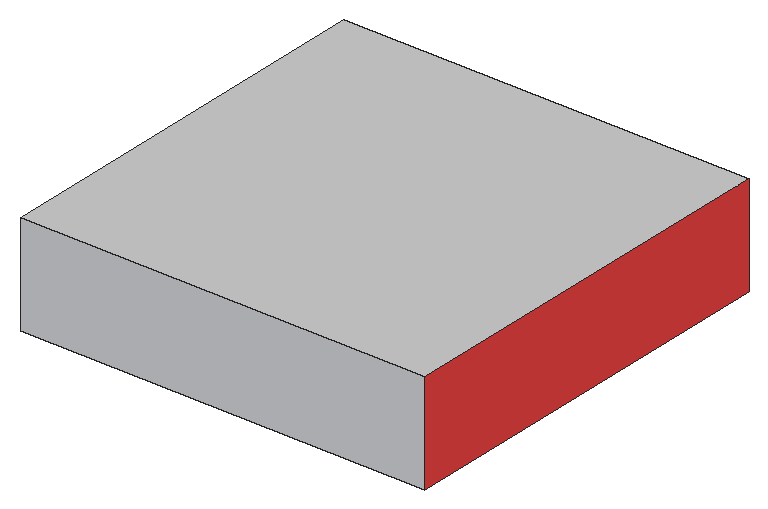
Revit family "GRIFO DE BIDET KILY con desagüe automatico", category Aparatos sanitarios, Revit 2015
Parameters (values of type "4956000")
  URL = "http://www.griferiasgalindo.com/bidet/kily/grifo-de-bidet-kily?c=es"
  Teléfono = "(+34) 915 782 575"
  TIPO DE AGUA = "Fria/Caliene"
  REFERENCIA = "4956000"
  Presión Máxima = ""
  PESO BRUTO = ""
  Modelo = "KILY"
  Material = LATON CROMADO
  Imagen de tipo = <Ninguno>
  Fabricante = "PRESTO IBÉRICA"
  Default Elevation = 1219.2 mm
  ENTRADA = "Con latiguillos flexibles de 3/8”"
  Descripción = "Grifo monomando de bidet Kily. Colección de líneas refinadas y elegantes que se adaptan a todo tipo de ambientes. Su original maneta de forma ondulada destaca en inclinación del escultural diseño del cuerpo del grifo. Una grifería que decora el espacio de baño con personalidad siendo piezas prácticas y ergonómicas muy confortables con el toque de distinción perfecto."
  Código de montaje = "C1030220"
  Contacto = "info@prestoiberica.com"
  Conexión AF = yes
  Conexión AC = yes
  Comentarios de tipo = "◦Grifo monomando de bidet\r\n◦Acabado Cromo\r\n◦Sin desagüe automático\r\n◦Cartucho sellado mezclador con discos cerámicos Ø25mm y aireador oculto\r\n◦Tubos de alimentación flexibles 3/8\" y longitud 45 cm."
  CIERRE = ""
  CAUDAL = "11,4 l/min a 3 bar"
  Accionamiento = "Por maneta"
Reference planes
  plane 1 "Centro (Frontal/Posterior)": y = 0
  plane 2: z = 0
  plane 3 "Centro (Izquierda/Derecha)": x = 0
Forms (mm)
  Extrusion 1, solid
    sketch origin (0, 0, 0) x (1, 0, 0) y (0, 1, 0)
      loop
        line (-100, 100) -> (-100, -100) -> (100, -100) -> (100, 100) -> (-100, 100)
    from 0 to -50
Dimensions and locks
  Extrusion 1 sketch curve to plane 1 "Centro (Frontal/Posterior)" = 100 mm
  aligned and locked: plane 2 to Extrusion 1
  aligned and locked: level to Extrusion 1
Connectors
  piping at (7.983, -7, 0), diameter 9.5
    settings: on import instance, index 1, connector inside diameter 609.6 mm, connector length 0 mm, flow factor 0, pipe flow 0.0 L/s, pressure drop 0.0 Pa, fitting loss kfactor 0, connector angle 0.00°, fixture units 0, engagement length 0 mm, angle of deflection 0.00°, flow configuration 0, flow direction 1, fitting loss method 0, system type 7, joint type 0, gender type 0, connector reference index -1, connector utility 0, adjustable connector no, is connector primary yes, connector description ""
